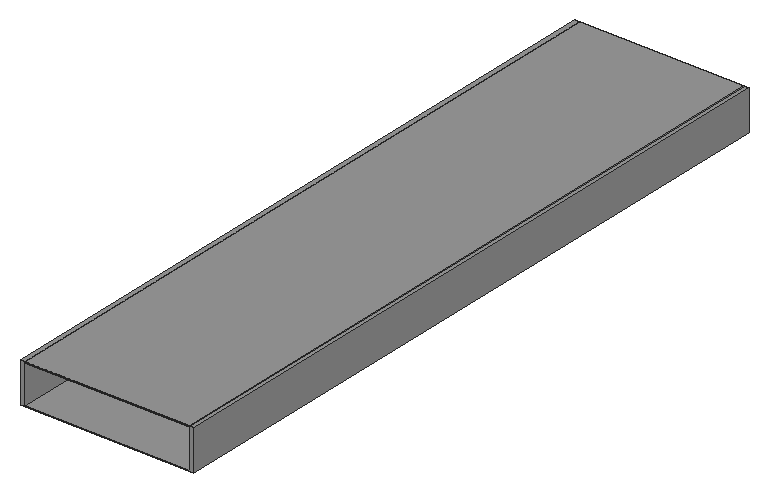
Revit family "OKA-W, Kanaleinheit, blind, rastend, Höhe 100-150mm", category Generic Models, Revit 2015
Parameters (values of type "OKA-W60010050R")
  Width = 600 mm
  URL = "http://www.obo-bettermann.com"
  Material = Steel, Galvanized
  Manufacturer Art. No. = "7424508"
  Manufacturer = "OBO Bettermann"
  Length [instance] = 2400 mm
  HeightCalc [instance] = if(Height < 100 mm, 100 mm, (if(Height > 150 mm, 150 mm, Height)))  # 140 mm
  Height [instance] = 140 mm
  GTIN = "4012195244516"
  Article Type = "OKA-W60010050R"
Types (6, lengths in mm): name | Width | Manufacturer Art. No. | HeightCalc | Height | GTIN | Article Type
  (no name) | 600 | "7424508" | 140 | 140 | "4012195244516" | "OKA-W60010050R"
  OKA-W20010050R | 200 | "7424500" | 140 | 140 | "4012195244479" | "OKA-W20010050R"
  OKA-W30010050R | 300 | "7424502" | 140 | 140 | "4012195244486" | "OKA-W30010050R"
  OKA-W40010050R | 400 | "7424504" | 110 | 110 | "4012195244493" | "OKA-W40010050R"
  OKA-W50010050R | 500 | "7424506" | 140 | 140 | "4012195244509" | "OKA-W50010050R"
  OKA-W60010050R | 600 | "7424508" | 140 | 140 | "4012195244516" | "OKA-W60010050R"
Reference planes
  plane 1 "Center (Front/Back)": y = 0
  plane 2: z = 0
  plane 3 "Center (Left/Right)": x = 0
  plane 4: z = 140
  plane 5: y = -2400
  plane 6: x = 300
  plane 7: x = -300
Forms (mm)
  Extrusion 1, solid, material "Aluminum 6061"
    sketch origin (0, 0, 0) x (1, 0, 0) y (0, 0, 1)
      loop
        line (285, 140) -> (285, 1) -> (-285, 1) -> (-285, 140) -> (-300, 140) -> (-300, 0) -> (300, 0) -> (300, 140) -> (285, 140)
    from 0 to 2400
  Extrusion 2, solid, material "Steel, Galvanized" <- "Material"
    sketch origin (0, 0, 0) x (1, 0, 0) y (0, 0, 1)
      loop
        line (285, 136) -> (285, 140) -> (-285, 140) -> (-285, 136) -> (285, 136)
    from 0 to 2400
Lines and regions (mm)
  model lines
    curve 1: line (-300, 0, 140) -> (-285, 0, 140)
    curve 2: line (-285, 0, 140) -> (-285, 0, 0)
    curve 3: line (-285, 0, 0) -> (-535, 0, 0)
    curve 4: line (-535, 0, 0) -> (-535, 0, 1)
    curve 5: line (-535, 0, 1) -> (-300, 0, 1)
    curve 6: line (-300, 0, 1) -> (-300, 0, 140)
    curve 7: line (285, 0, 140) -> (285, 0, 0)
    curve 8: line (285, 0, 0) -> (535, 0, 0)
    curve 9: line (535, 0, 0) -> (535, 0, 1)
    curve 10: line (535, 0, 1) -> (300, 0, 1)
    curve 11: line (300, 0, 1) -> (300, 0, 140)
    curve 12: line (300, 0, 140) -> (285, 0, 140)
    curve 13: line (285, 0, 140) -> (285, 0, 0)
    curve 14: line (-285, 0, 0) -> (-285, 0, 140)
    curve 15: line (-285, 0, 140) -> (285, 0, 140)
    curve 16: line (-285, 0, 136) -> (285, 0, 136)
Dimensions and locks
  locked: curve 5 to curve 3 at 1
  locked: curve 2 to curve 6 at 15
  locked: curve 10 to curve 8 at 1
  locked: curve 2 to curve 4 at 250
  locked: curve 9 to curve 7 at 250
  locked: curve 11 to curve 7 at 15
  "Length": plane 1 "Center (Front/Back)" to plane 5
  equal spacing: plane 7, plane 3 "Center (Left/Right)", plane 6
  "Width": plane 7 to plane 6
  "HeightCalc": level to plane 4
  locked: curve 16 to curve 15 at 4
  aligned and locked: level to plane 2
  aligned and locked: level to curve 3
  aligned and locked: curve 6 to plane 7
  aligned and locked: curve 11 to plane 6
  aligned and locked: plane 4 to curve 1
  aligned and locked: curve 8 to level
  aligned and locked: Extrusion 1 sketch curve to curve 13
  aligned and locked: Extrusion 1 sketch curve to curve 12
  aligned and locked: Extrusion 1 sketch curve to curve 11
  aligned and locked: Extrusion 1 sketch curve to curve 6
  aligned and locked: curve 14 to Extrusion 1 sketch curve
  aligned and locked: Extrusion 1 sketch curve to curve 1
  aligned and locked: Extrusion 1 to plane 5
  aligned and locked: Extrusion 2 sketch curve to curve 16
  aligned and locked: Extrusion 2 sketch curve to curve 15
  aligned and locked: Extrusion 2 sketch curve to curve 2
  aligned and locked: Extrusion 2 sketch curve to curve 7
  aligned and locked: Extrusion 2 to plane 5
  aligned and locked: curve 5 to Extrusion 1 sketch curve
Automatic sketch dimensions
  Extrusion 1 sketch curve to level = 0 mm
